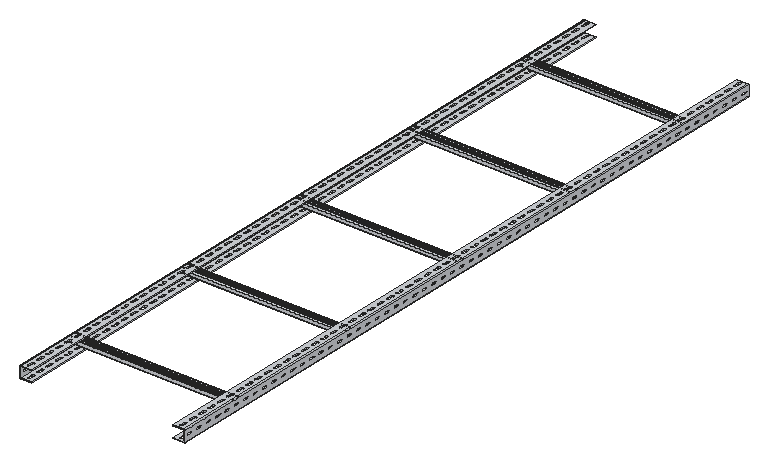
Revit family "steigeleiter_7_FT_FTSO_FTK_A2_A4.700rfa", category Generic Models, Revit 2017 (continued)
Forms (mm)
  Extrusion 305, void
    sketch origin (0, 200, 0) x (1, 0, 0) y (0, 1, 0)
      loop
        arc (319.5, 15.5) -> (325, 10) -> (330.5, 15.5) r 5.5
        line (330.5, 15.5) -> (330.5, 34.5)
        arc (330.5, 34.5) -> (325, 40) -> (319.5, 34.5) r 5.5
        line (319.5, 34.5) -> (319.5, 15.5)
    from 0 to 2.5
  Extrusion 306, void
    sketch origin (0, 250, 0) x (1, 0, 0) y (0, 1, 0)
      loop
        arc (319.5, 15.5) -> (325, 10) -> (330.5, 15.5) r 5.5
        line (330.5, 15.5) -> (330.5, 34.5)
        arc (330.5, 34.5) -> (325, 40) -> (319.5, 34.5) r 5.5
        line (319.5, 34.5) -> (319.5, 15.5)
    from 0 to 2.5
  Extrusion 307, void
    sketch origin (0, 300, 0) x (1, 0, 0) y (0, 1, 0)
      loop
        arc (319.5, 15.5) -> (325, 10) -> (330.5, 15.5) r 5.5
        line (330.5, 15.5) -> (330.5, 34.5)
        arc (330.5, 34.5) -> (325, 40) -> (319.5, 34.5) r 5.5
        line (319.5, 34.5) -> (319.5, 15.5)
    from 0 to 2.5
  Extrusion 308, void
    sketch origin (0, 350, 0) x (1, 0, 0) y (0, 1, 0)
      loop
        arc (319.5, 15.5) -> (325, 10) -> (330.5, 15.5) r 5.5
        line (330.5, 15.5) -> (330.5, 34.5)
        arc (330.5, 34.5) -> (325, 40) -> (319.5, 34.5) r 5.5
        line (319.5, 34.5) -> (319.5, 15.5)
    from 0 to 2.5
  Extrusion 309, void
    sketch origin (0, 400, 0) x (1, 0, 0) y (0, 1, 0)
      loop
        arc (319.5, 15.5) -> (325, 10) -> (330.5, 15.5) r 5.5
        line (330.5, 15.5) -> (330.5, 34.5)
        arc (330.5, 34.5) -> (325, 40) -> (319.5, 34.5) r 5.5
        line (319.5, 34.5) -> (319.5, 15.5)
    from 0 to 2.5
  Extrusion 310, void
    sketch origin (0, 450, 0) x (1, 0, 0) y (0, 1, 0)
      loop
        arc (319.5, 15.5) -> (325, 10) -> (330.5, 15.5) r 5.5
        line (330.5, 15.5) -> (330.5, 34.5)
        arc (330.5, 34.5) -> (325, 40) -> (319.5, 34.5) r 5.5
        line (319.5, 34.5) -> (319.5, 15.5)
    from 0 to 2.5
  Extrusion 311, void
    sketch origin (0, 500, 0) x (1, 0, 0) y (0, 1, 0)
      loop
        arc (319.5, 15.5) -> (325, 10) -> (330.5, 15.5) r 5.5
        line (330.5, 15.5) -> (330.5, 34.5)
        arc (330.5, 34.5) -> (325, 40) -> (319.5, 34.5) r 5.5
        line (319.5, 34.5) -> (319.5, 15.5)
    from 0 to 2.5
  Extrusion 312, void
    sketch origin (0, 550, 0) x (1, 0, 0) y (0, 1, 0)
      loop
        arc (319.5, 15.5) -> (325, 10) -> (330.5, 15.5) r 5.5
        line (330.5, 15.5) -> (330.5, 34.5)
        arc (330.5, 34.5) -> (325, 40) -> (319.5, 34.5) r 5.5
        line (319.5, 34.5) -> (319.5, 15.5)
    from 0 to 2.5
  Extrusion 313, void
    sketch origin (0, 600, 0) x (1, 0, 0) y (0, 1, 0)
      loop
        arc (319.5, 15.5) -> (325, 10) -> (330.5, 15.5) r 5.5
        line (330.5, 15.5) -> (330.5, 34.5)
        arc (330.5, 34.5) -> (325, 40) -> (319.5, 34.5) r 5.5
        line (319.5, 34.5) -> (319.5, 15.5)
    from 0 to 2.5
  Extrusion 314, void
    sketch origin (0, 650, 0) x (1, 0, 0) y (0, 1, 0)
      loop
        arc (319.5, 15.5) -> (325, 10) -> (330.5, 15.5) r 5.5
        line (330.5, 15.5) -> (330.5, 34.5)
        arc (330.5, 34.5) -> (325, 40) -> (319.5, 34.5) r 5.5
        line (319.5, 34.5) -> (319.5, 15.5)
    from 0 to 2.5
  Extrusion 315, void
    sketch origin (0, 700, 0) x (1, 0, 0) y (0, 1, 0)
      loop
        arc (319.5, 15.5) -> (325, 10) -> (330.5, 15.5) r 5.5
        line (330.5, 15.5) -> (330.5, 34.5)
        arc (330.5, 34.5) -> (325, 40) -> (319.5, 34.5) r 5.5
        line (319.5, 34.5) -> (319.5, 15.5)
    from 0 to 2.5
  Extrusion 316, void
    sketch origin (0, 750, 0) x (1, 0, 0) y (0, 1, 0)
      loop
        arc (319.5, 15.5) -> (325, 10) -> (330.5, 15.5) r 5.5
        line (330.5, 15.5) -> (330.5, 34.5)
        arc (330.5, 34.5) -> (325, 40) -> (319.5, 34.5) r 5.5
        line (319.5, 34.5) -> (319.5, 15.5)
    from 0 to 2.5
  Extrusion 317, void
    sketch origin (0, 800, 0) x (1, 0, 0) y (0, 1, 0)
      loop
        arc (319.5, 15.5) -> (325, 10) -> (330.5, 15.5) r 5.5
        line (330.5, 15.5) -> (330.5, 34.5)
        arc (330.5, 34.5) -> (325, 40) -> (319.5, 34.5) r 5.5
        line (319.5, 34.5) -> (319.5, 15.5)
    from 0 to 2.5
  Extrusion 318, void
    sketch origin (0, 850, 0) x (1, 0, 0) y (0, 1, 0)
      loop
        arc (319.5, 15.5) -> (325, 10) -> (330.5, 15.5) r 5.5
        line (330.5, 15.5) -> (330.5, 34.5)
        arc (330.5, 34.5) -> (325, 40) -> (319.5, 34.5) r 5.5
        line (319.5, 34.5) -> (319.5, 15.5)
    from 0 to 2.5
  Extrusion 319, void
    sketch origin (0, 900, 0) x (1, 0, 0) y (0, 1, 0)
      loop
        arc (319.5, 15.5) -> (325, 10) -> (330.5, 15.5) r 5.5
        line (330.5, 15.5) -> (330.5, 34.5)
        arc (330.5, 34.5) -> (325, 40) -> (319.5, 34.5) r 5.5
        line (319.5, 34.5) -> (319.5, 15.5)
    from 0 to 2.5
  Extrusion 320, void
    sketch origin (0, 950, 0) x (1, 0, 0) y (0, 1, 0)
      loop
        arc (319.5, 15.5) -> (325, 10) -> (330.5, 15.5) r 5.5
        line (330.5, 15.5) -> (330.5, 34.5)
        arc (330.5, 34.5) -> (325, 40) -> (319.5, 34.5) r 5.5
        line (319.5, 34.5) -> (319.5, 15.5)
    from 0 to 2.5
  Extrusion 321, void
    sketch origin (0, 1000, 0) x (1, 0, 0) y (0, 1, 0)
      loop
        arc (319.5, 15.5) -> (325, 10) -> (330.5, 15.5) r 5.5
        line (330.5, 15.5) -> (330.5, 34.5)
        arc (330.5, 34.5) -> (325, 40) -> (319.5, 34.5) r 5.5
        line (319.5, 34.5) -> (319.5, 15.5)
    from 0 to 2.5
  Extrusion 322, void
    sketch origin (0, 1050, 0) x (1, 0, 0) y (0, 1, 0)
      loop
        arc (319.5, 15.5) -> (325, 10) -> (330.5, 15.5) r 5.5
        line (330.5, 15.5) -> (330.5, 34.5)
        arc (330.5, 34.5) -> (325, 40) -> (319.5, 34.5) r 5.5
        line (319.5, 34.5) -> (319.5, 15.5)
    from 0 to 2.5
  Extrusion 323, void
    sketch origin (0, 1100, 0) x (1, 0, 0) y (0, 1, 0)
      loop
        arc (319.5, 15.5) -> (325, 10) -> (330.5, 15.5) r 5.5
        line (330.5, 15.5) -> (330.5, 34.5)
        arc (330.5, 34.5) -> (325, 40) -> (319.5, 34.5) r 5.5
        line (319.5, 34.5) -> (319.5, 15.5)
    from 0 to 2.5
  Extrusion 324, void
    sketch origin (0, 1150, 0) x (1, 0, 0) y (0, 1, 0)
      loop
        arc (319.5, 15.5) -> (325, 10) -> (330.5, 15.5) r 5.5
        line (330.5, 15.5) -> (330.5, 34.5)
        arc (330.5, 34.5) -> (325, 40) -> (319.5, 34.5) r 5.5
        line (319.5, 34.5) -> (319.5, 15.5)
    from 0 to 2.5
  Extrusion 325, void
    sketch origin (0, 1200, 0) x (1, 0, 0) y (0, 1, 0)
      loop
        arc (319.5, 15.5) -> (325, 10) -> (330.5, 15.5) r 5.5
        line (330.5, 15.5) -> (330.5, 34.5)
        arc (330.5, 34.5) -> (325, 40) -> (319.5, 34.5) r 5.5
        line (319.5, 34.5) -> (319.5, 15.5)
    from 0 to 2.5
  Extrusion 326, void
    sketch origin (0, 1250, 0) x (1, 0, 0) y (0, 1, 0)
      loop
        arc (319.5, 15.5) -> (325, 10) -> (330.5, 15.5) r 5.5
        line (330.5, 15.5) -> (330.5, 34.5)
        arc (330.5, 34.5) -> (325, 40) -> (319.5, 34.5) r 5.5
        line (319.5, 34.5) -> (319.5, 15.5)
    from 0 to 2.5
  Extrusion 327, void
    sketch origin (0, 1300, 0) x (1, 0, 0) y (0, 1, 0)
      loop
        arc (319.5, 15.5) -> (325, 10) -> (330.5, 15.5) r 5.5
        line (330.5, 15.5) -> (330.5, 34.5)
        arc (330.5, 34.5) -> (325, 40) -> (319.5, 34.5) r 5.5
        line (319.5, 34.5) -> (319.5, 15.5)
    from 0 to 2.5
  Extrusion 328, void
    sketch origin (0, 1350, 0) x (1, 0, 0) y (0, 1, 0)
      loop
        arc (319.5, 15.5) -> (325, 10) -> (330.5, 15.5) r 5.5
        line (330.5, 15.5) -> (330.5, 34.5)
        arc (330.5, 34.5) -> (325, 40) -> (319.5, 34.5) r 5.5
        line (319.5, 34.5) -> (319.5, 15.5)
    from 0 to 2.5
  Extrusion 329, void
    sketch origin (0, 1400, 0) x (1, 0, 0) y (0, 1, 0)
      loop
        arc (319.5, 15.5) -> (325, 10) -> (330.5, 15.5) r 5.5
        line (330.5, 15.5) -> (330.5, 34.5)
        arc (330.5, 34.5) -> (325, 40) -> (319.5, 34.5) r 5.5
        line (319.5, 34.5) -> (319.5, 15.5)
    from 0 to 2.5
  Extrusion 330, void
    sketch origin (0, 1450, 0) x (1, 0, 0) y (0, 1, 0)
      loop
        arc (319.5, 15.5) -> (325, 10) -> (330.5, 15.5) r 5.5
        line (330.5, 15.5) -> (330.5, 34.5)
        arc (330.5, 34.5) -> (325, 40) -> (319.5, 34.5) r 5.5
        line (319.5, 34.5) -> (319.5, 15.5)
    from 0 to 2.5
  Extrusion 331, void
    sketch origin (0, 1500, 0) x (1, 0, 0) y (0, 1, 0)
      loop
        arc (319.5, 15.5) -> (325, 10) -> (330.5, 15.5) r 5.5
        line (330.5, 15.5) -> (330.5, 34.5)
        arc (330.5, 34.5) -> (325, 40) -> (319.5, 34.5) r 5.5
        line (319.5, 34.5) -> (319.5, 15.5)
    from 0 to 2.5
  Extrusion 332, void
    sketch origin (0, 1550, 0) x (1, 0, 0) y (0, 1, 0)
      loop
        arc (319.5, 15.5) -> (325, 10) -> (330.5, 15.5) r 5.5
        line (330.5, 15.5) -> (330.5, 34.5)
        arc (330.5, 34.5) -> (325, 40) -> (319.5, 34.5) r 5.5
        line (319.5, 34.5) -> (319.5, 15.5)
    from 0 to 2.5
  Extrusion 333, void
    sketch origin (0, 1600, 0) x (1, 0, 0) y (0, 1, 0)
      loop
        arc (319.5, 15.5) -> (325, 10) -> (330.5, 15.5) r 5.5
        line (330.5, 15.5) -> (330.5, 34.5)
        arc (330.5, 34.5) -> (325, 40) -> (319.5, 34.5) r 5.5
        line (319.5, 34.5) -> (319.5, 15.5)
    from 0 to 2.5
  Extrusion 334, void
    sketch origin (0, 1650, 0) x (1, 0, 0) y (0, 1, 0)
      loop
        arc (319.5, 15.5) -> (325, 10) -> (330.5, 15.5) r 5.5
        line (330.5, 15.5) -> (330.5, 34.5)
        arc (330.5, 34.5) -> (325, 40) -> (319.5, 34.5) r 5.5
        line (319.5, 34.5) -> (319.5, 15.5)
    from 0 to 2.5
  Extrusion 335, void
    sketch origin (0, 1700, 0) x (1, 0, 0) y (0, 1, 0)
      loop
        arc (319.5, 15.5) -> (325, 10) -> (330.5, 15.5) r 5.5
        line (330.5, 15.5) -> (330.5, 34.5)
        arc (330.5, 34.5) -> (325, 40) -> (319.5, 34.5) r 5.5
        line (319.5, 34.5) -> (319.5, 15.5)
    from 0 to 2.5
  Extrusion 336, void
    sketch origin (0, 1750, 0) x (1, 0, 0) y (0, 1, 0)
      loop
        arc (319.5, 15.5) -> (325, 10) -> (330.5, 15.5) r 5.5
        line (330.5, 15.5) -> (330.5, 34.5)
        arc (330.5, 34.5) -> (325, 40) -> (319.5, 34.5) r 5.5
        line (319.5, 34.5) -> (319.5, 15.5)
    from 0 to 2.5
  Extrusion 337, void
    sketch origin (0, 1800, 0) x (1, 0, 0) y (0, 1, 0)
      loop
        arc (319.5, 15.5) -> (325, 10) -> (330.5, 15.5) r 5.5
        line (330.5, 15.5) -> (330.5, 34.5)
        arc (330.5, 34.5) -> (325, 40) -> (319.5, 34.5) r 5.5
        line (319.5, 34.5) -> (319.5, 15.5)
    from 0 to 2.5
  Extrusion 338, void
    sketch origin (0, 1850, 0) x (1, 0, 0) y (0, 1, 0)
      loop
        arc (319.5, 15.5) -> (325, 10) -> (330.5, 15.5) r 5.5
        line (330.5, 15.5) -> (330.5, 34.5)
        arc (330.5, 34.5) -> (325, 40) -> (319.5, 34.5) r 5.5
        line (319.5, 34.5) -> (319.5, 15.5)
    from 0 to 2.5
  Extrusion 339, void
    sketch origin (0, 1900, 0) x (1, 0, 0) y (0, 1, 0)
      loop
        arc (319.5, 15.5) -> (325, 10) -> (330.5, 15.5) r 5.5
        line (330.5, 15.5) -> (330.5, 34.5)
        arc (330.5, 34.5) -> (325, 40) -> (319.5, 34.5) r 5.5
        line (319.5, 34.5) -> (319.5, 15.5)
    from 0 to 2.5
  Extrusion 340, void
    sketch origin (0, 1950, 0) x (1, 0, 0) y (0, 1, 0)
      loop
        arc (319.5, 15.5) -> (325, 10) -> (330.5, 15.5) r 5.5
        line (330.5, 15.5) -> (330.5, 34.5)
        arc (330.5, 34.5) -> (325, 40) -> (319.5, 34.5) r 5.5
        line (319.5, 34.5) -> (319.5, 15.5)
    from 0 to 2.5
  Extrusion 341, void
    sketch origin (0, 2000, 0) x (1, 0, 0) y (0, 1, 0)
      loop
        arc (319.5, 15.5) -> (325, 10) -> (330.5, 15.5) r 5.5
        line (330.5, 15.5) -> (330.5, 34.5)
        arc (330.5, 34.5) -> (325, 40) -> (319.5, 34.5) r 5.5
        line (319.5, 34.5) -> (319.5, 15.5)
    from 0 to 2.5
  Extrusion 342, void
    sketch origin (0, 2050, 0) x (1, 0, 0) y (0, 1, 0)
      loop
        arc (319.5, 15.5) -> (325, 10) -> (330.5, 15.5) r 5.5
        line (330.5, 15.5) -> (330.5, 34.5)
        arc (330.5, 34.5) -> (325, 40) -> (319.5, 34.5) r 5.5
        line (319.5, 34.5) -> (319.5, 15.5)
    from 0 to 2.5
  Extrusion 343, void
    sketch origin (0, 2100, 0) x (1, 0, 0) y (0, 1, 0)
      loop
        arc (319.5, 15.5) -> (325, 10) -> (330.5, 15.5) r 5.5
        line (330.5, 15.5) -> (330.5, 34.5)
        arc (330.5, 34.5) -> (325, 40) -> (319.5, 34.5) r 5.5
        line (319.5, 34.5) -> (319.5, 15.5)
    from 0 to 2.5
  Extrusion 344, void
    sketch origin (0, 2150, 0) x (1, 0, 0) y (0, 1, 0)
      loop
        arc (319.5, 15.5) -> (325, 10) -> (330.5, 15.5) r 5.5
        line (330.5, 15.5) -> (330.5, 34.5)
        arc (330.5, 34.5) -> (325, 40) -> (319.5, 34.5) r 5.5
        line (319.5, 34.5) -> (319.5, 15.5)
    from 0 to 2.5
  Extrusion 345, void
    sketch origin (0, 2200, 0) x (1, 0, 0) y (0, 1, 0)
      loop
        arc (319.5, 15.5) -> (325, 10) -> (330.5, 15.5) r 5.5
        line (330.5, 15.5) -> (330.5, 34.5)
        arc (330.5, 34.5) -> (325, 40) -> (319.5, 34.5) r 5.5
        line (319.5, 34.5) -> (319.5, 15.5)
    from 0 to 2.5
  Extrusion 346, void
    sketch origin (0, 2250, 0) x (1, 0, 0) y (0, 1, 0)
      loop
        arc (319.5, 15.5) -> (325, 10) -> (330.5, 15.5) r 5.5
        line (330.5, 15.5) -> (330.5, 34.5)
        arc (330.5, 34.5) -> (325, 40) -> (319.5, 34.5) r 5.5
        line (319.5, 34.5) -> (319.5, 15.5)
    from 0 to 2.5
  Extrusion 347, void
    sketch origin (0, 2300, 0) x (1, 0, 0) y (0, 1, 0)
      loop
        arc (319.5, 15.5) -> (325, 10) -> (330.5, 15.5) r 5.5
        line (330.5, 15.5) -> (330.5, 34.5)
        arc (330.5, 34.5) -> (325, 40) -> (319.5, 34.5) r 5.5
        line (319.5, 34.5) -> (319.5, 15.5)
    from 0 to 2.5
  Extrusion 348, void
    sketch origin (0, 2350, 0) x (1, 0, 0) y (0, 1, 0)
      loop
        arc (319.5, 15.5) -> (325, 10) -> (330.5, 15.5) r 5.5
        line (330.5, 15.5) -> (330.5, 34.5)
        arc (330.5, 34.5) -> (325, 40) -> (319.5, 34.5) r 5.5
        line (319.5, 34.5) -> (319.5, 15.5)
    from 0 to 2.5
  Extrusion 349, void
    sketch origin (0, 2400, 0) x (1, 0, 0) y (0, 1, 0)
      loop
        arc (319.5, 15.5) -> (325, 10) -> (330.5, 15.5) r 5.5
        line (330.5, 15.5) -> (330.5, 34.5)
        arc (330.5, 34.5) -> (325, 40) -> (319.5, 34.5) r 5.5
        line (319.5, 34.5) -> (319.5, 15.5)
    from 0 to 2.5
  Extrusion 350, void
    sketch origin (0, 2450, 0) x (1, 0, 0) y (0, 1, 0)
      loop
        arc (319.5, 15.5) -> (325, 10) -> (330.5, 15.5) r 5.5
        line (330.5, 15.5) -> (330.5, 34.5)
        arc (330.5, 34.5) -> (325, 40) -> (319.5, 34.5) r 5.5
        line (319.5, 34.5) -> (319.5, 15.5)
    from 0 to 2.5
  Extrusion 351, void
    sketch origin (0, 2500, 0) x (1, 0, 0) y (0, 1, 0)
      loop
        arc (319.5, 15.5) -> (325, 10) -> (330.5, 15.5) r 5.5
        line (330.5, 15.5) -> (330.5, 34.5)
        arc (330.5, 34.5) -> (325, 40) -> (319.5, 34.5) r 5.5
        line (319.5, 34.5) -> (319.5, 15.5)
    from 0 to 2.5
  Extrusion 352, void
    sketch origin (0, 2550, 0) x (1, 0, 0) y (0, 1, 0)
      loop
        arc (319.5, 15.5) -> (325, 10) -> (330.5, 15.5) r 5.5
        line (330.5, 15.5) -> (330.5, 34.5)
        arc (330.5, 34.5) -> (325, 40) -> (319.5, 34.5) r 5.5
        line (319.5, 34.5) -> (319.5, 15.5)
    from 0 to 2.5
  Extrusion 353, void
    sketch origin (0, 2600, 0) x (1, 0, 0) y (0, 1, 0)
      loop
        arc (319.5, 15.5) -> (325, 10) -> (330.5, 15.5) r 5.5
        line (330.5, 15.5) -> (330.5, 34.5)
        arc (330.5, 34.5) -> (325, 40) -> (319.5, 34.5) r 5.5
        line (319.5, 34.5) -> (319.5, 15.5)
    from 0 to 2.5
  Extrusion 354, void
    sketch origin (0, 2650, 0) x (1, 0, 0) y (0, 1, 0)
      loop
        arc (319.5, 15.5) -> (325, 10) -> (330.5, 15.5) r 5.5
        line (330.5, 15.5) -> (330.5, 34.5)
        arc (330.5, 34.5) -> (325, 40) -> (319.5, 34.5) r 5.5
        line (319.5, 34.5) -> (319.5, 15.5)
    from 0 to 2.5
  Extrusion 355, void
    sketch origin (0, 2700, 0) x (1, 0, 0) y (0, 1, 0)
      loop
        arc (319.5, 15.5) -> (325, 10) -> (330.5, 15.5) r 5.5
        line (330.5, 15.5) -> (330.5, 34.5)
        arc (330.5, 34.5) -> (325, 40) -> (319.5, 34.5) r 5.5
        line (319.5, 34.5) -> (319.5, 15.5)
    from 0 to 2.5
  Extrusion 356, void
    sketch origin (0, 2750, 0) x (1, 0, 0) y (0, 1, 0)
      loop
        arc (319.5, 15.5) -> (325, 10) -> (330.5, 15.5) r 5.5
        line (330.5, 15.5) -> (330.5, 34.5)
        arc (330.5, 34.5) -> (325, 40) -> (319.5, 34.5) r 5.5
        line (319.5, 34.5) -> (319.5, 15.5)
    from 0 to 2.5
  Extrusion 357, void
    sketch origin (0, 2800, 0) x (1, 0, 0) y (0, 1, 0)
      loop
        arc (319.5, 15.5) -> (325, 10) -> (330.5, 15.5) r 5.5
        line (330.5, 15.5) -> (330.5, 34.5)
        arc (330.5, 34.5) -> (325, 40) -> (319.5, 34.5) r 5.5
        line (319.5, 34.5) -> (319.5, 15.5)
    from 0 to 2.5
  Extrusion 358, void
    sketch origin (0, 2850, 0) x (1, 0, 0) y (0, 1, 0)
      loop
        arc (319.5, 15.5) -> (325, 10) -> (330.5, 15.5) r 5.5
        line (330.5, 15.5) -> (330.5, 34.5)
        arc (330.5, 34.5) -> (325, 40) -> (319.5, 34.5) r 5.5
        line (319.5, 34.5) -> (319.5, 15.5)
    from 0 to 2.5
  Extrusion 359, void
    sketch origin (0, 2900, 0) x (1, 0, 0) y (0, 1, 0)
      loop
        arc (319.5, 15.5) -> (325, 10) -> (330.5, 15.5) r 5.5
        line (330.5, 15.5) -> (330.5, 34.5)
        arc (330.5, 34.5) -> (325, 40) -> (319.5, 34.5) r 5.5
        line (319.5, 34.5) -> (319.5, 15.5)
    from 0 to 2.5
  Extrusion 360, void
    sketch origin (0, 2950, 0) x (1, 0, 0) y (0, 1, 0)
      loop
        arc (319.5, 15.5) -> (325, 10) -> (330.5, 15.5) r 5.5
        line (330.5, 15.5) -> (330.5, 34.5)
        arc (330.5, 34.5) -> (325, 40) -> (319.5, 34.5) r 5.5
        line (319.5, 34.5) -> (319.5, 15.5)
    from 0 to 2.5
  Extrusion 361, void
    sketch origin (0, 0, 0) x (0, 1, 0) y (0, 0, 1)
      loop
        line (34.599, 30.303) -> (15.401, 30.303)
        arc (15.401, 30.303) -> (10, 24.901) -> (15.401, 19.5) r 5.401
        line (15.401, 19.5) -> (34.599, 19.5)
        arc (34.599, 19.5) -> (40, 24.901) -> (34.599, 30.303) r 5.401
    from -355 to -344.856
  Extrusion 362, solid
    sketch origin (0, 0, 0) x (0, 1, 0) y (0, 0, 1)
      loop
        arc (257.494, 27) -> (256.084, 27.584) -> (255.5, 28.994) r 1.994
        line (255.5, 28.994) -> (255.5, 43.517)
        arc (255.5, 43.517) -> (256.081, 44.919) -> (257.483, 45.5) r 1.983
        line (257.483, 45.5) -> (261.478, 45.5)
        arc (261.478, 45.5) -> (262.201, 45.201) -> (262.5, 44.478) r 1.022
        line (262.5, 44.478) -> (262.5, 42) -> (264.5, 42) -> (264.5, 44.478)
        arc (264.5, 44.478) -> (263.615, 46.615) -> (261.478, 47.5) r 3.022
        line (261.478, 47.5) -> (257.483, 47.5)
        arc (257.483, 47.5) -> (254.667, 46.333) -> (253.5, 43.517) r 3.983
        line (253.5, 43.517) -> (253.5, 28.994)
        arc (253.5, 28.994) -> (254.67, 26.17) -> (257.494, 25) r 3.994
        line (257.494, 25) -> (289.535, 25)
        arc (289.535, 25) -> (292.339, 26.161) -> (293.5, 28.965) r 3.965
        line (293.5, 28.965) -> (293.5, 44.769)
        arc (293.5, 44.769) -> (292.7, 46.7) -> (290.769, 47.5) r 2.731
        line (290.769, 47.5) -> (284.231, 47.5)
        arc (284.231, 47.5) -> (283.007, 46.993) -> (282.5, 45.769) r 1.731
        line (282.5, 45.769) -> (282.5, 42) -> (284.5, 42) -> (284.5, 44.5)
        arc (284.5, 44.5) -> (284.793, 45.207) -> (285.5, 45.5) r 1
        line (285.5, 45.5) -> (289.5, 45.5)
        arc (289.5, 45.5) -> (290.914, 44.914) -> (291.5, 43.5) r 2
        line (291.5, 43.5) -> (291.5, 28.965)
        arc (291.5, 28.965) -> (290.925, 27.575) -> (289.535, 27) r 1.965
        line (289.535, 27) -> (257.494, 27)
    from -347.5 to 347.5
  Extrusion 363, solid
    sketch origin (0, 600, 0) x (0, 1, 0) y (0, 0, 1)
      loop
        arc (257.494, 27) -> (256.084, 27.584) -> (255.5, 28.994) r 1.994
        line (255.5, 28.994) -> (255.5, 43.517)
        arc (255.5, 43.517) -> (256.081, 44.919) -> (257.483, 45.5) r 1.983
        line (257.483, 45.5) -> (261.478, 45.5)
        arc (261.478, 45.5) -> (262.201, 45.201) -> (262.5, 44.478) r 1.022
        line (262.5, 44.478) -> (262.5, 42) -> (264.5, 42) -> (264.5, 44.478)
        arc (264.5, 44.478) -> (263.615, 46.615) -> (261.478, 47.5) r 3.022
        line (261.478, 47.5) -> (257.483, 47.5)
        arc (257.483, 47.5) -> (254.667, 46.333) -> (253.5, 43.517) r 3.983
        line (253.5, 43.517) -> (253.5, 28.994)
        arc (253.5, 28.994) -> (254.67, 26.17) -> (257.494, 25) r 3.994
        line (257.494, 25) -> (289.535, 25)
        arc (289.535, 25) -> (292.339, 26.161) -> (293.5, 28.965) r 3.965
        line (293.5, 28.965) -> (293.5, 44.769)
        arc (293.5, 44.769) -> (292.7, 46.7) -> (290.769, 47.5) r 2.731
        line (290.769, 47.5) -> (284.231, 47.5)
        arc (284.231, 47.5) -> (283.007, 46.993) -> (282.5, 45.769) r 1.731
        line (282.5, 45.769) -> (282.5, 42) -> (284.5, 42) -> (284.5, 44.5)
        arc (284.5, 44.5) -> (284.793, 45.207) -> (285.5, 45.5) r 1
        line (285.5, 45.5) -> (289.5, 45.5)
        arc (289.5, 45.5) -> (290.914, 44.914) -> (291.5, 43.5) r 2
        line (291.5, 43.5) -> (291.5, 28.965)
        arc (291.5, 28.965) -> (290.925, 27.575) -> (289.535, 27) r 1.965
        line (289.535, 27) -> (257.494, 27)
    from -347.5 to 347.5
  Extrusion 364, solid
    sketch origin (0, 1200, 0) x (0, 1, 0) y (0, 0, 1)
      loop
        arc (257.494, 27) -> (256.084, 27.584) -> (255.5, 28.994) r 1.994
        line (255.5, 28.994) -> (255.5, 43.517)
        arc (255.5, 43.517) -> (256.081, 44.919) -> (257.483, 45.5) r 1.983
        line (257.483, 45.5) -> (261.478, 45.5)
        arc (261.478, 45.5) -> (262.201, 45.201) -> (262.5, 44.478) r 1.022
        line (262.5, 44.478) -> (262.5, 42) -> (264.5, 42) -> (264.5, 44.478)
        arc (264.5, 44.478) -> (263.615, 46.615) -> (261.478, 47.5) r 3.022
        line (261.478, 47.5) -> (257.483, 47.5)
        arc (257.483, 47.5) -> (254.667, 46.333) -> (253.5, 43.517) r 3.983
        line (253.5, 43.517) -> (253.5, 28.994)
        arc (253.5, 28.994) -> (254.67, 26.17) -> (257.494, 25) r 3.994
        line (257.494, 25) -> (289.535, 25)
        arc (289.535, 25) -> (292.339, 26.161) -> (293.5, 28.965) r 3.965
        line (293.5, 28.965) -> (293.5, 44.769)
        arc (293.5, 44.769) -> (292.7, 46.7) -> (290.769, 47.5) r 2.731
        line (290.769, 47.5) -> (284.231, 47.5)
        arc (284.231, 47.5) -> (283.007, 46.993) -> (282.5, 45.769) r 1.731
        line (282.5, 45.769) -> (282.5, 42) -> (284.5, 42) -> (284.5, 44.5)
        arc (284.5, 44.5) -> (284.793, 45.207) -> (285.5, 45.5) r 1
        line (285.5, 45.5) -> (289.5, 45.5)
        arc (289.5, 45.5) -> (290.914, 44.914) -> (291.5, 43.5) r 2
        line (291.5, 43.5) -> (291.5, 28.965)
        arc (291.5, 28.965) -> (290.925, 27.575) -> (289.535, 27) r 1.965
        line (289.535, 27) -> (257.494, 27)
    from -347.5 to 347.5
  Extrusion 365, solid
    sketch origin (0, 1800, 0) x (0, 1, 0) y (0, 0, 1)
      loop
        arc (257.494, 27) -> (256.084, 27.584) -> (255.5, 28.994) r 1.994
        line (255.5, 28.994) -> (255.5, 43.517)
        arc (255.5, 43.517) -> (256.081, 44.919) -> (257.483, 45.5) r 1.983
        line (257.483, 45.5) -> (261.478, 45.5)
        arc (261.478, 45.5) -> (262.201, 45.201) -> (262.5, 44.478) r 1.022
        line (262.5, 44.478) -> (262.5, 42) -> (264.5, 42) -> (264.5, 44.478)
        arc (264.5, 44.478) -> (263.615, 46.615) -> (261.478, 47.5) r 3.022
        line (261.478, 47.5) -> (257.483, 47.5)
        arc (257.483, 47.5) -> (254.667, 46.333) -> (253.5, 43.517) r 3.983
        line (253.5, 43.517) -> (253.5, 28.994)
        arc (253.5, 28.994) -> (254.67, 26.17) -> (257.494, 25) r 3.994
        line (257.494, 25) -> (289.535, 25)
        arc (289.535, 25) -> (292.339, 26.161) -> (293.5, 28.965) r 3.965
        line (293.5, 28.965) -> (293.5, 44.769)
        arc (293.5, 44.769) -> (292.7, 46.7) -> (290.769, 47.5) r 2.731
        line (290.769, 47.5) -> (284.231, 47.5)
        arc (284.231, 47.5) -> (283.007, 46.993) -> (282.5, 45.769) r 1.731
        line (282.5, 45.769) -> (282.5, 42) -> (284.5, 42) -> (284.5, 44.5)
        arc (284.5, 44.5) -> (284.793, 45.207) -> (285.5, 45.5) r 1
        line (285.5, 45.5) -> (289.5, 45.5)
        arc (289.5, 45.5) -> (290.914, 44.914) -> (291.5, 43.5) r 2
        line (291.5, 43.5) -> (291.5, 28.965)
        arc (291.5, 28.965) -> (290.925, 27.575) -> (289.535, 27) r 1.965
        line (289.535, 27) -> (257.494, 27)
    from -347.5 to 347.5
  Extrusion 366, solid
    sketch origin (0, 2400, 0) x (0, 1, 0) y (0, 0, 1)
      loop
        arc (257.494, 27) -> (256.084, 27.584) -> (255.5, 28.994) r 1.994
        line (255.5, 28.994) -> (255.5, 43.517)
        arc (255.5, 43.517) -> (256.081, 44.919) -> (257.483, 45.5) r 1.983
        line (257.483, 45.5) -> (261.478, 45.5)
        arc (261.478, 45.5) -> (262.201, 45.201) -> (262.5, 44.478) r 1.022
        line (262.5, 44.478) -> (262.5, 42) -> (264.5, 42) -> (264.5, 44.478)
        arc (264.5, 44.478) -> (263.615, 46.615) -> (261.478, 47.5) r 3.022
        line (261.478, 47.5) -> (257.483, 47.5)
        arc (257.483, 47.5) -> (254.667, 46.333) -> (253.5, 43.517) r 3.983
        line (253.5, 43.517) -> (253.5, 28.994)
        arc (253.5, 28.994) -> (254.67, 26.17) -> (257.494, 25) r 3.994
        line (257.494, 25) -> (289.535, 25)
        arc (289.535, 25) -> (292.339, 26.161) -> (293.5, 28.965) r 3.965
        line (293.5, 28.965) -> (293.5, 44.769)
        arc (293.5, 44.769) -> (292.7, 46.7) -> (290.769, 47.5) r 2.731
        line (290.769, 47.5) -> (284.231, 47.5)
        arc (284.231, 47.5) -> (283.007, 46.993) -> (282.5, 45.769) r 1.731
        line (282.5, 45.769) -> (282.5, 42) -> (284.5, 42) -> (284.5, 44.5)
        arc (284.5, 44.5) -> (284.793, 45.207) -> (285.5, 45.5) r 1
        line (285.5, 45.5) -> (289.5, 45.5)
        arc (289.5, 45.5) -> (290.914, 44.914) -> (291.5, 43.5) r 2
        line (291.5, 43.5) -> (291.5, 28.965)
        arc (291.5, 28.965) -> (290.925, 27.575) -> (289.535, 27) r 1.965
        line (289.535, 27) -> (257.494, 27)
    from -347.5 to 347.5
Cuts and joins
  Extrusion 2, Extrusion 3, Extrusion 4, Extrusion 5, Extrusion 6, Extrusion 7, Extrusion 8, Extrusion 9, Extrusion 10, Extrusion 11, Extrusion 12, Extrusion 13, Extrusion 14, Extrusion 15, Extrusion 16, Extrusion 17, Extrusion 18, Extrusion 19, Extrusion 20, Extrusion 21, Extrusion 22, Extrusion 23, Extrusion 24, Extrusion 25, Extrusion 26, Extrusion 27, Extrusion 28, Extrusion 29, Extrusion 30, Extrusion 31, Extrusion 32, Extrusion 33, Extrusion 34, Extrusion 35, Extrusion 36, Extrusion 37, Extrusion 38, Extrusion 39, Extrusion 40, Extrusion 41, Extrusion 42, Extrusion 43, Extrusion 44, Extrusion 45, Extrusion 46, Extrusion 47, Extrusion 48, Extrusion 49, Extrusion 50, Extrusion 51, Extrusion 52, Extrusion 53, Extrusion 54, Extrusion 55, Extrusion 56, Extrusion 57, Extrusion 58, Extrusion 59, Extrusion 60, Extrusion 61, Extrusion 62, Extrusion 63, Extrusion 64, Extrusion 65, Extrusion 66, Extrusion 67, Extrusion 68, Extrusion 69, Extrusion 70, Extrusion 71, Extrusion 72, Extrusion 73, Extrusion 74, Extrusion 75, Extrusion 76, Extrusion 77, Extrusion 78, Extrusion 79, Extrusion 80, Extrusion 81, Extrusion 82, Extrusion 83, Extrusion 84, Extrusion 85, Extrusion 86, Extrusion 87, Extrusion 88, Extrusion 89, Extrusion 90, Extrusion 91, Extrusion 92, Extrusion 93, Extrusion 94, Extrusion 95, Extrusion 96, Extrusion 97, Extrusion 98, Extrusion 99, Extrusion 100, Extrusion 101, Extrusion 102, Extrusion 103, Extrusion 104, Extrusion 105, Extrusion 106, Extrusion 107, Extrusion 108, Extrusion 109, Extrusion 110, Extrusion 111, Extrusion 112, Extrusion 113, Extrusion 114, Extrusion 115, Extrusion 116, Extrusion 117, Extrusion 118, Extrusion 119, Extrusion 120, Extrusion 121, Extrusion 122, Extrusion 123, Extrusion 124, Extrusion 125, Extrusion 126, Extrusion 127, Extrusion 128, Extrusion 129, Extrusion 130, Extrusion 131, Extrusion 132, Extrusion 133, Extrusion 134, Extrusion 135, Extrusion 136, Extrusion 137, Extrusion 138, Extrusion 139, Extrusion 140, Extrusion 141, Extrusion 142, Extrusion 143, Extrusion 144, Extrusion 145, Extrusion 146, Extrusion 147, Extrusion 148, Extrusion 149, Extrusion 150, Extrusion 151, Extrusion 152, Extrusion 153, Extrusion 154, Extrusion 155, Extrusion 156, Extrusion 157, Extrusion 158, Extrusion 159, Extrusion 160, Extrusion 161, Extrusion 162, Extrusion 163, Extrusion 164, Extrusion 165, Extrusion 166, Extrusion 167, Extrusion 168, Extrusion 169, Extrusion 170, Extrusion 171, Extrusion 172, Extrusion 173, Extrusion 174, Extrusion 175, Extrusion 176, Extrusion 177, Extrusion 178, Extrusion 179, Extrusion 180, Extrusion 181, Extrusion 182, Extrusion 183, Extrusion 184, Extrusion 185, Extrusion 186, Extrusion 187, Extrusion 188, Extrusion 189, Extrusion 190, Extrusion 191, Extrusion 192, Extrusion 193, Extrusion 194, Extrusion 195, Extrusion 196, Extrusion 197, Extrusion 198, Extrusion 199, Extrusion 200, Extrusion 201, Extrusion 202, Extrusion 203, Extrusion 204, Extrusion 205, Extrusion 206, Extrusion 207, Extrusion 208, Extrusion 209, Extrusion 210, Extrusion 211, Extrusion 212, Extrusion 213, Extrusion 214, Extrusion 215, Extrusion 216, Extrusion 217, Extrusion 218, Extrusion 219, Extrusion 220, Extrusion 221, Extrusion 222, Extrusion 223, Extrusion 224, Extrusion 225, Extrusion 226, Extrusion 227, Extrusion 228, Extrusion 229, Extrusion 230, Extrusion 231, Extrusion 232, Extrusion 233, Extrusion 234, Extrusion 235, Extrusion 236, Extrusion 237, Extrusion 238, Extrusion 239, Extrusion 240, Extrusion 241, Extrusion 242, Extrusion 243, Extrusion 244, Extrusion 245, Extrusion 246, Extrusion 247, Extrusion 248, Extrusion 249, Extrusion 250, Extrusion 251, Extrusion 252, Extrusion 253, Extrusion 254, Extrusion 255, Extrusion 256, Extrusion 257, Extrusion 258, Extrusion 259, Extrusion 260, Extrusion 261, Extrusion 262, Extrusion 263, Extrusion 264, Extrusion 265, Extrusion 266, Extrusion 267, Extrusion 268, Extrusion 269, Extrusion 270, Extrusion 271, Extrusion 272, Extrusion 273, Extrusion 274, Extrusion 275, Extrusion 276, Extrusion 277, Extrusion 278, Extrusion 279, Extrusion 280, Extrusion 281, Extrusion 282, Extrusion 283, Extrusion 284, Extrusion 285, Extrusion 286, Extrusion 287, Extrusion 288, Extrusion 289, Extrusion 290, Extrusion 291, Extrusion 292, Extrusion 293, Extrusion 294, Extrusion 295, Extrusion 296, Extrusion 297, Extrusion 298, Extrusion 299, Extrusion 300, Extrusion 301, Extrusion 302, Extrusion 303, Extrusion 304, Extrusion 305, Extrusion 306, Extrusion 307, Extrusion 308, Extrusion 309, Extrusion 310, Extrusion 311, Extrusion 312, Extrusion 313, Extrusion 314, Extrusion 315, Extrusion 316, Extrusion 317, Extrusion 318, Extrusion 319, Extrusion 320, Extrusion 321, Extrusion 322, Extrusion 323, Extrusion 324, Extrusion 325, Extrusion 326, Extrusion 327, Extrusion 328, Extrusion 329, Extrusion 330, Extrusion 331, Extrusion 332, Extrusion 333, Extrusion 334, Extrusion 335, Extrusion 336, Extrusion 337, Extrusion 338, Extrusion 339, Extrusion 340, Extrusion 341, Extrusion 342, Extrusion 343, Extrusion 344, Extrusion 345, Extrusion 346, Extrusion 347, Extrusion 348, Extrusion 349, Extrusion 350, Extrusion 351, Extrusion 352, Extrusion 353, Extrusion 354, Extrusion 355, Extrusion 356, Extrusion 357, Extrusion 358, Extrusion 359, Extrusion 360, Extrusion 361 cuts Extrusion 1
Dimensions and locks
  locked: Extrusion 1 sketch curve to Extrusion 1 sketch curve at 2.5  (x6)
  Extrusion 1 sketch curve to Extrusion 1 sketch curve = 2.5 mm  (x3)
  locked: level to Extrusion 1 at 2.5
  "Length": plane 5 to plane 1 "Center (Front/Back)"
  locked: Extrusion 1 sketch curve to Extrusion 1 sketch curve at 50  (x6)
  Extrusion 1 sketch curve to Extrusion 1 sketch curve = 50 mm
  "Width": Extrusion 1 to Extrusion 1
  "Width 1": Extrusion 1 to plane 3 "Center (Left/Right)"
  locked: Extrusion 2 sketch curve to Extrusion 2 sketch curve at 11
  locked: Extrusion 3 sketch curve to Extrusion 3 sketch curve at 11
  equal spacing: group 1, group 2, group 3, group 4, group 5, group 6, group 7, group 8, group 9, group 10, group 11, group 12, group 13, group 14, group 15, group 16, group 17, group 18, group 19, group 20, group 21, group 22, group 23, group 24, group 25, group 26, group 27, group 28, group 29, group 30, group 31, group 32, group 33, group 34, group 35, group 36, group 37, group 38, group 39, group 40, group 41, group 42, group 43, group 44, group 45, group 46, group 47, group 48, group 49, group 50, group 51, group 52, group 53, group 54, group 55, group 56, group 57, group 58, group 59, group 60  (x3)
  locked: Extrusion 4 sketch curve to Extrusion 4 sketch curve at 11
  locked: Extrusion 5 sketch curve to Extrusion 5 sketch curve at 11
  locked: Extrusion 6 sketch curve to Extrusion 6 sketch curve at 11
  locked: Extrusion 7 sketch curve to Extrusion 7 sketch curve at 11
  locked: Extrusion 8 sketch curve to Extrusion 8 sketch curve at 11
  locked: Extrusion 9 sketch curve to Extrusion 9 sketch curve at 11
  locked: Extrusion 10 sketch curve to Extrusion 10 sketch curve at 11
  locked: Extrusion 11 sketch curve to Extrusion 11 sketch curve at 11
  locked: Extrusion 12 sketch curve to Extrusion 12 sketch curve at 11
  locked: Extrusion 13 sketch curve to Extrusion 13 sketch curve at 11
  locked: Extrusion 14 sketch curve to Extrusion 14 sketch curve at 11
  locked: Extrusion 15 sketch curve to Extrusion 15 sketch curve at 11
  locked: Extrusion 16 sketch curve to Extrusion 16 sketch curve at 11
  locked: Extrusion 17 sketch curve to Extrusion 17 sketch curve at 11
  locked: Extrusion 18 sketch curve to Extrusion 18 sketch curve at 11
  locked: Extrusion 19 sketch curve to Extrusion 19 sketch curve at 11
  locked: Extrusion 20 sketch curve to Extrusion 20 sketch curve at 11
  locked: Extrusion 21 sketch curve to Extrusion 21 sketch curve at 11
  locked: Extrusion 22 sketch curve to Extrusion 22 sketch curve at 11
  locked: Extrusion 23 sketch curve to Extrusion 23 sketch curve at 11
  locked: Extrusion 24 sketch curve to Extrusion 24 sketch curve at 11
  locked: Extrusion 25 sketch curve to Extrusion 25 sketch curve at 11
  locked: Extrusion 26 sketch curve to Extrusion 26 sketch curve at 11
  locked: Extrusion 27 sketch curve to Extrusion 27 sketch curve at 11
  locked: Extrusion 28 sketch curve to Extrusion 28 sketch curve at 11
  locked: Extrusion 29 sketch curve to Extrusion 29 sketch curve at 11
  locked: Extrusion 30 sketch curve to Extrusion 30 sketch curve at 11
  locked: Extrusion 31 sketch curve to Extrusion 31 sketch curve at 11
  locked: Extrusion 32 sketch curve to Extrusion 32 sketch curve at 11
  locked: Extrusion 33 sketch curve to Extrusion 33 sketch curve at 11
  locked: Extrusion 34 sketch curve to Extrusion 34 sketch curve at 11
  locked: Extrusion 35 sketch curve to Extrusion 35 sketch curve at 11
  locked: Extrusion 36 sketch curve to Extrusion 36 sketch curve at 11
  locked: Extrusion 37 sketch curve to Extrusion 37 sketch curve at 11
  locked: Extrusion 38 sketch curve to Extrusion 38 sketch curve at 11
  locked: Extrusion 39 sketch curve to Extrusion 39 sketch curve at 11
  locked: Extrusion 40 sketch curve to Extrusion 40 sketch curve at 11
  locked: Extrusion 41 sketch curve to Extrusion 41 sketch curve at 11
  locked: Extrusion 42 sketch curve to Extrusion 42 sketch curve at 11
  locked: Extrusion 43 sketch curve to Extrusion 43 sketch curve at 11
  locked: Extrusion 44 sketch curve to Extrusion 44 sketch curve at 11
  locked: Extrusion 45 sketch curve to Extrusion 45 sketch curve at 11
  locked: Extrusion 46 sketch curve to Extrusion 46 sketch curve at 11
  locked: Extrusion 47 sketch curve to Extrusion 47 sketch curve at 11
  locked: Extrusion 48 sketch curve to Extrusion 48 sketch curve at 11
  locked: Extrusion 49 sketch curve to Extrusion 49 sketch curve at 11
  locked: Extrusion 50 sketch curve to Extrusion 50 sketch curve at 11
  locked: Extrusion 51 sketch curve to Extrusion 51 sketch curve at 11
  locked: Extrusion 52 sketch curve to Extrusion 52 sketch curve at 11
  locked: Extrusion 53 sketch curve to Extrusion 53 sketch curve at 11
  locked: Extrusion 54 sketch curve to Extrusion 54 sketch curve at 11
  locked: Extrusion 55 sketch curve to Extrusion 55 sketch curve at 11
  locked: Extrusion 56 sketch curve to Extrusion 56 sketch curve at 11
  locked: Extrusion 57 sketch curve to Extrusion 57 sketch curve at 11
  locked: Extrusion 58 sketch curve to Extrusion 58 sketch curve at 11
  locked: Extrusion 59 sketch curve to Extrusion 59 sketch curve at 11
  locked: Extrusion 60 sketch curve to Extrusion 60 sketch curve at 11
  locked: Extrusion 61 sketch curve to Extrusion 61 sketch curve at 11
  locked: Extrusion 62 sketch curve to Extrusion 62 sketch curve at 11
  locked: Extrusion 63 sketch curve to Extrusion 63 sketch curve at 11
  locked: Extrusion 64 sketch curve to Extrusion 64 sketch curve at 11
  equal spacing: group 61, group 62, group 63, group 64, group 65, group 66, group 67, group 68, group 69, group 70, group 71, group 72, group 73, group 74, group 75, group 76, group 77, group 78, group 79, group 80, group 81, group 82, group 83, group 84, group 85, group 86, group 87, group 88, group 89, group 90, group 91, group 92, group 93, group 94, group 95, group 96, group 97, group 98, group 99, group 100, group 101, group 102, group 103, group 104, group 105, group 106, group 107, group 108, group 109, group 110, group 111, group 112, group 113, group 114, group 115, group 116, group 117, group 118, group 119, group 120  (x3)
  locked: Extrusion 65 sketch curve to Extrusion 65 sketch curve at 11
  locked: Extrusion 66 sketch curve to Extrusion 66 sketch curve at 11
  locked: Extrusion 67 sketch curve to Extrusion 67 sketch curve at 11
  locked: Extrusion 68 sketch curve to Extrusion 68 sketch curve at 11
  locked: Extrusion 69 sketch curve to Extrusion 69 sketch curve at 11
  locked: Extrusion 70 sketch curve to Extrusion 70 sketch curve at 11
  locked: Extrusion 71 sketch curve to Extrusion 71 sketch curve at 11
  locked: Extrusion 72 sketch curve to Extrusion 72 sketch curve at 11
  locked: Extrusion 73 sketch curve to Extrusion 73 sketch curve at 11
  locked: Extrusion 74 sketch curve to Extrusion 74 sketch curve at 11
  locked: Extrusion 75 sketch curve to Extrusion 75 sketch curve at 11
  locked: Extrusion 76 sketch curve to Extrusion 76 sketch curve at 11
  locked: Extrusion 77 sketch curve to Extrusion 77 sketch curve at 11
  locked: Extrusion 78 sketch curve to Extrusion 78 sketch curve at 11
  locked: Extrusion 79 sketch curve to Extrusion 79 sketch curve at 11
  locked: Extrusion 80 sketch curve to Extrusion 80 sketch curve at 11
  locked: Extrusion 81 sketch curve to Extrusion 81 sketch curve at 11
  locked: Extrusion 82 sketch curve to Extrusion 82 sketch curve at 11
  locked: Extrusion 83 sketch curve to Extrusion 83 sketch curve at 11
  locked: Extrusion 84 sketch curve to Extrusion 84 sketch curve at 11
  locked: Extrusion 85 sketch curve to Extrusion 85 sketch curve at 11
  locked: Extrusion 86 sketch curve to Extrusion 86 sketch curve at 11
  locked: Extrusion 87 sketch curve to Extrusion 87 sketch curve at 11
  locked: Extrusion 88 sketch curve to Extrusion 88 sketch curve at 11
  locked: Extrusion 89 sketch curve to Extrusion 89 sketch curve at 11
  locked: Extrusion 90 sketch curve to Extrusion 90 sketch curve at 11
  locked: Extrusion 91 sketch curve to Extrusion 91 sketch curve at 11
  locked: Extrusion 92 sketch curve to Extrusion 92 sketch curve at 11
  locked: Extrusion 93 sketch curve to Extrusion 93 sketch curve at 11
  locked: Extrusion 94 sketch curve to Extrusion 94 sketch curve at 11
  locked: Extrusion 95 sketch curve to Extrusion 95 sketch curve at 11
  locked: Extrusion 96 sketch curve to Extrusion 96 sketch curve at 11
  locked: Extrusion 97 sketch curve to Extrusion 97 sketch curve at 11
  locked: Extrusion 98 sketch curve to Extrusion 98 sketch curve at 11
  locked: Extrusion 99 sketch curve to Extrusion 99 sketch curve at 11
  locked: Extrusion 100 sketch curve to Extrusion 100 sketch curve at 11
  locked: Extrusion 101 sketch curve to Extrusion 101 sketch curve at 11
  locked: Extrusion 102 sketch curve to Extrusion 102 sketch curve at 11
  locked: Extrusion 103 sketch curve to Extrusion 103 sketch curve at 11
  locked: Extrusion 104 sketch curve to Extrusion 104 sketch curve at 11
  locked: Extrusion 105 sketch curve to Extrusion 105 sketch curve at 11
  locked: Extrusion 106 sketch curve to Extrusion 106 sketch curve at 11
  locked: Extrusion 107 sketch curve to Extrusion 107 sketch curve at 11
  locked: Extrusion 108 sketch curve to Extrusion 108 sketch curve at 11
  locked: Extrusion 109 sketch curve to Extrusion 109 sketch curve at 11
  locked: Extrusion 110 sketch curve to Extrusion 110 sketch curve at 11
  locked: Extrusion 111 sketch curve to Extrusion 111 sketch curve at 11
  locked: Extrusion 112 sketch curve to Extrusion 112 sketch curve at 11
  locked: Extrusion 113 sketch curve to Extrusion 113 sketch curve at 11
  locked: Extrusion 114 sketch curve to Extrusion 114 sketch curve at 11
  locked: Extrusion 115 sketch curve to Extrusion 115 sketch curve at 11
  locked: Extrusion 116 sketch curve to Extrusion 116 sketch curve at 11
  locked: Extrusion 117 sketch curve to Extrusion 117 sketch curve at 11
  locked: Extrusion 118 sketch curve to Extrusion 118 sketch curve at 11
  locked: Extrusion 119 sketch curve to Extrusion 119 sketch curve at 11
  locked: Extrusion 120 sketch curve to Extrusion 120 sketch curve at 11
  locked: Extrusion 121 sketch curve to Extrusion 121 sketch curve at 11
  locked: Extrusion 122 sketch curve to Extrusion 122 sketch curve at 11
  locked: Extrusion 123 sketch curve to Extrusion 123 sketch curve at 11
  locked: Extrusion 124 sketch curve to Extrusion 124 sketch curve at 11
  locked: Extrusion 125 sketch curve to Extrusion 125 sketch curve at 11
  locked: Extrusion 126 sketch curve to Extrusion 126 sketch curve at 11
  locked: Extrusion 127 sketch curve to Extrusion 127 sketch curve at 11
  locked: Extrusion 128 sketch curve to Extrusion 128 sketch curve at 11
  locked: Extrusion 129 sketch curve to Extrusion 129 sketch curve at 11
  locked: Extrusion 130 sketch curve to Extrusion 130 sketch curve at 11
  locked: Extrusion 131 sketch curve to Extrusion 131 sketch curve at 11
  locked: Extrusion 132 sketch curve to Extrusion 132 sketch curve at 11
  locked: Extrusion 133 sketch curve to Extrusion 133 sketch curve at 11
  locked: Extrusion 134 sketch curve to Extrusion 134 sketch curve at 11
  locked: Extrusion 135 sketch curve to Extrusion 135 sketch curve at 11
  locked: Extrusion 136 sketch curve to Extrusion 136 sketch curve at 11
  locked: Extrusion 137 sketch curve to Extrusion 137 sketch curve at 11
  locked: Extrusion 138 sketch curve to Extrusion 138 sketch curve at 11
  locked: Extrusion 139 sketch curve to Extrusion 139 sketch curve at 11
  locked: Extrusion 140 sketch curve to Extrusion 140 sketch curve at 11
  locked: Extrusion 141 sketch curve to Extrusion 141 sketch curve at 11
  locked: Extrusion 142 sketch curve to Extrusion 142 sketch curve at 11
  locked: Extrusion 143 sketch curve to Extrusion 143 sketch curve at 11
  locked: Extrusion 144 sketch curve to Extrusion 144 sketch curve at 11
  locked: Extrusion 145 sketch curve to Extrusion 145 sketch curve at 11
  locked: Extrusion 146 sketch curve to Extrusion 146 sketch curve at 11
  locked: Extrusion 147 sketch curve to Extrusion 147 sketch curve at 11
  locked: Extrusion 148 sketch curve to Extrusion 148 sketch curve at 11
  locked: Extrusion 149 sketch curve to Extrusion 149 sketch curve at 11
  locked: Extrusion 150 sketch curve to Extrusion 150 sketch curve at 11
  locked: Extrusion 151 sketch curve to Extrusion 151 sketch curve at 11
  locked: Extrusion 152 sketch curve to Extrusion 152 sketch curve at 11
  locked: Extrusion 153 sketch curve to Extrusion 153 sketch curve at 11
  locked: Extrusion 154 sketch curve to Extrusion 154 sketch curve at 11
  locked: Extrusion 155 sketch curve to Extrusion 155 sketch curve at 11
  locked: Extrusion 156 sketch curve to Extrusion 156 sketch curve at 11
  locked: Extrusion 157 sketch curve to Extrusion 157 sketch curve at 11
  locked: Extrusion 158 sketch curve to Extrusion 158 sketch curve at 11
  locked: Extrusion 159 sketch curve to Extrusion 159 sketch curve at 11
  locked: Extrusion 160 sketch curve to Extrusion 160 sketch curve at 11
  locked: Extrusion 161 sketch curve to Extrusion 161 sketch curve at 11
  locked: Extrusion 162 sketch curve to Extrusion 162 sketch curve at 11
  locked: Extrusion 163 sketch curve to Extrusion 163 sketch curve at 11
  locked: Extrusion 164 sketch curve to Extrusion 164 sketch curve at 11
  locked: Extrusion 165 sketch curve to Extrusion 165 sketch curve at 11
  locked: Extrusion 166 sketch curve to Extrusion 166 sketch curve at 11
  locked: Extrusion 167 sketch curve to Extrusion 167 sketch curve at 11
  locked: Extrusion 168 sketch curve to Extrusion 168 sketch curve at 11
  locked: Extrusion 169 sketch curve to Extrusion 169 sketch curve at 11
  locked: Extrusion 170 sketch curve to Extrusion 170 sketch curve at 11
  locked: Extrusion 171 sketch curve to Extrusion 171 sketch curve at 11
  locked: Extrusion 172 sketch curve to Extrusion 172 sketch curve at 11
  locked: Extrusion 173 sketch curve to Extrusion 173 sketch curve at 11
  locked: Extrusion 174 sketch curve to Extrusion 174 sketch curve at 11
  locked: Extrusion 175 sketch curve to Extrusion 175 sketch curve at 11
  locked: Extrusion 176 sketch curve to Extrusion 176 sketch curve at 11
  locked: Extrusion 177 sketch curve to Extrusion 177 sketch curve at 11
  locked: Extrusion 178 sketch curve to Extrusion 178 sketch curve at 11
  locked: Extrusion 179 sketch curve to Extrusion 179 sketch curve at 11
  locked: Extrusion 180 sketch curve to Extrusion 180 sketch curve at 11
  locked: Extrusion 181 sketch curve to Extrusion 181 sketch curve at 11
  locked: Extrusion 182 sketch curve to Extrusion 182 sketch curve at 11
  locked: Extrusion 183 sketch curve to Extrusion 183 sketch curve at 11
  locked: cut or joined group of Extrusion 1, Extrusion 2, Extrusion 3, Extrusion 4, Extrusion 5, Extrusion 6, Extrusion 7, Extrusion 8, Extrusion 9, Extrusion 10, Extrusion 11, Extrusion 12, Extrusion 13, Extrusion 14, Extrusion 15, Extrusion 16, Extrusion 17, Extrusion 18, Extrusion 19, Extrusion 20, Extrusion 21, Extrusion 22, Extrusion 23, Extrusion 24, Extrusion 25, Extrusion 26, Extrusion 27, Extrusion 28, Extrusion 29, Extrusion 30, Extrusion 31, Extrusion 32, Extrusion 33, Extrusion 34, Extrusion 35, Extrusion 36, Extrusion 37, Extrusion 38, Extrusion 39, Extrusion 40, Extrusion 41, Extrusion 42, Extrusion 43, Extrusion 44, Extrusion 45, Extrusion 46, Extrusion 47, Extrusion 48, Extrusion 49, Extrusion 50, Extrusion 51, Extrusion 52, Extrusion 53, Extrusion 54, Extrusion 55, Extrusion 56, Extrusion 57, Extrusion 58, Extrusion 59, Extrusion 60, Extrusion 61, Extrusion 62, Extrusion 63, Extrusion 64, Extrusion 65, Extrusion 66, Extrusion 67, Extrusion 68, Extrusion 69, Extrusion 70, Extrusion 71, Extrusion 72, Extrusion 73, Extrusion 74, Extrusion 75, Extrusion 76, Extrusion 77, Extrusion 78, Extrusion 79, Extrusion 80, Extrusion 81, Extrusion 82, Extrusion 83, Extrusion 84, Extrusion 85, Extrusion 86, Extrusion 87, Extrusion 88, Extrusion 89, Extrusion 90, Extrusion 91, Extrusion 92, Extrusion 93, Extrusion 94, Extrusion 95, Extrusion 96, Extrusion 97, Extrusion 98, Extrusion 99, Extrusion 100, Extrusion 101, Extrusion 102, Extrusion 103, Extrusion 104, Extrusion 105, Extrusion 106, Extrusion 107, Extrusion 108, Extrusion 109, Extrusion 110, Extrusion 111, Extrusion 112, Extrusion 113, Extrusion 114, Extrusion 115, Extrusion 116, Extrusion 117, Extrusion 118, Extrusion 119, Extrusion 120, Extrusion 121, Extrusion 122, Extrusion 123, Extrusion 124, Extrusion 125, Extrusion 126, Extrusion 127, Extrusion 128, Extrusion 129, Extrusion 130, Extrusion 131, Extrusion 132, Extrusion 133, Extrusion 134, Extrusion 135, Extrusion 136, Extrusion 137, Extrusion 138, Extrusion 139, Extrusion 140, Extrusion 141, Extrusion 142, Extrusion 143, Extrusion 144, Extrusion 145, Extrusion 146, Extrusion 147, Extrusion 148, Extrusion 149, Extrusion 150, Extrusion 151, Extrusion 152, Extrusion 153, Extrusion 154, Extrusion 155, Extrusion 156, Extrusion 157, Extrusion 158, Extrusion 159, Extrusion 160, Extrusion 161, Extrusion 162, Extrusion 163, Extrusion 164, Extrusion 165, Extrusion 166, Extrusion 167, Extrusion 168, Extrusion 169, Extrusion 170, Extrusion 171, Extrusion 172, Extrusion 173, Extrusion 174, Extrusion 175, Extrusion 176, Extrusion 177, Extrusion 178, Extrusion 179, Extrusion 180, Extrusion 181, Extrusion 182, Extrusion 183, Extrusion 184, Extrusion 185, Extrusion 186, Extrusion 187, Extrusion 188, Extrusion 189, Extrusion 190, Extrusion 191, Extrusion 192, Extrusion 193, Extrusion 194, Extrusion 195, Extrusion 196, Extrusion 197, Extrusion 198, Extrusion 199, Extrusion 200, Extrusion 201, Extrusion 202, Extrusion 203, Extrusion 204, Extrusion 205, Extrusion 206, Extrusion 207, Extrusion 208, Extrusion 209, Extrusion 210, Extrusion 211, Extrusion 212, Extrusion 213, Extrusion 214, Extrusion 215, Extrusion 216, Extrusion 217, Extrusion 218, Extrusion 219, Extrusion 220, Extrusion 221, Extrusion 222, Extrusion 223, Extrusion 224, Extrusion 225, Extrusion 226, Extrusion 227, Extrusion 228, Extrusion 229, Extrusion 230, Extrusion 231, Extrusion 232, Extrusion 233, Extrusion 234, Extrusion 235, Extrusion 236, Extrusion 237, Extrusion 238, Extrusion 239, Extrusion 240, Extrusion 241, Extrusion 242, Extrusion 243, Extrusion 244, Extrusion 245, Extrusion 246, Extrusion 247, Extrusion 248, Extrusion 249, Extrusion 250, Extrusion 251, Extrusion 252, Extrusion 253, Extrusion 254, Extrusion 255, Extrusion 256, Extrusion 257, Extrusion 258, Extrusion 259, Extrusion 260, Extrusion 261, Extrusion 262, Extrusion 263, Extrusion 264, Extrusion 265, Extrusion 266, Extrusion 267, Extrusion 268, Extrusion 269, Extrusion 270, Extrusion 271, Extrusion 272, Extrusion 273, Extrusion 274, Extrusion 275, Extrusion 276, Extrusion 277, Extrusion 278, Extrusion 279, Extrusion 280, Extrusion 281, Extrusion 282, Extrusion 283, Extrusion 284, Extrusion 285, Extrusion 286, Extrusion 287, Extrusion 288, Extrusion 289, Extrusion 290, Extrusion 291, Extrusion 292, Extrusion 293, Extrusion 294, Extrusion 295, Extrusion 296, Extrusion 297, Extrusion 298, Extrusion 299, Extrusion 300, Extrusion 301, Extrusion 302, Extrusion 303, Extrusion 304, Extrusion 305, Extrusion 306, Extrusion 307, Extrusion 308, Extrusion 309, Extrusion 310, Extrusion 311, Extrusion 312, Extrusion 313, Extrusion 314, Extrusion 315, Extrusion 316, Extrusion 317, Extrusion 318, Extrusion 319, Extrusion 320, Extrusion 321, Extrusion 322, Extrusion 323, Extrusion 324, Extrusion 325, Extrusion 326, Extrusion 327, Extrusion 328, Extrusion 329, Extrusion 330, Extrusion 331, Extrusion 332, Extrusion 333, Extrusion 334, Extrusion 335, Extrusion 336, Extrusion 337, Extrusion 338, Extrusion 339, Extrusion 340, Extrusion 341, Extrusion 342, Extrusion 343, Extrusion 344, Extrusion 345, Extrusion 346, Extrusion 347, Extrusion 348, Extrusion 349, Extrusion 350, Extrusion 351, Extrusion 352, Extrusion 353, Extrusion 354, Extrusion 355, Extrusion 356, Extrusion 357, Extrusion 358, Extrusion 359, Extrusion 360, Extrusion 361 to cut or joined group of Extrusion 1, Extrusion 2, Extrusion 3, Extrusion 4, Extrusion 5, Extrusion 6, Extrusion 7, Extrusion 8, Extrusion 9, Extrusion 10, Extrusion 11, Extrusion 12, Extrusion 13, Extrusion 14, Extrusion 15, Extrusion 16, Extrusion 17, Extrusion 18, Extrusion 19, Extrusion 20, Extrusion 21, Extrusion 22, Extrusion 23, Extrusion 24, Extrusion 25, Extrusion 26, Extrusion 27, Extrusion 28, Extrusion 29, Extrusion 30, Extrusion 31, Extrusion 32, Extrusion 33, Extrusion 34, Extrusion 35, Extrusion 36, Extrusion 37, Extrusion 38, Extrusion 39, Extrusion 40, Extrusion 41, Extrusion 42, Extrusion 43, Extrusion 44, Extrusion 45, Extrusion 46, Extrusion 47, Extrusion 48, Extrusion 49, Extrusion 50, Extrusion 51, Extrusion 52, Extrusion 53, Extrusion 54, Extrusion 55, Extrusion 56, Extrusion 57, Extrusion 58, Extrusion 59, Extrusion 60, Extrusion 61, Extrusion 62, Extrusion 63, Extrusion 64, Extrusion 65, Extrusion 66, Extrusion 67, Extrusion 68, Extrusion 69, Extrusion 70, Extrusion 71, Extrusion 72, Extrusion 73, Extrusion 74, Extrusion 75, Extrusion 76, Extrusion 77, Extrusion 78, Extrusion 79, Extrusion 80, Extrusion 81, Extrusion 82, Extrusion 83, Extrusion 84, Extrusion 85, Extrusion 86, Extrusion 87, Extrusion 88, Extrusion 89, Extrusion 90, Extrusion 91, Extrusion 92, Extrusion 93, Extrusion 94, Extrusion 95, Extrusion 96, Extrusion 97, Extrusion 98, Extrusion 99, Extrusion 100, Extrusion 101, Extrusion 102, Extrusion 103, Extrusion 104, Extrusion 105, Extrusion 106, Extrusion 107, Extrusion 108, Extrusion 109, Extrusion 110, Extrusion 111, Extrusion 112, Extrusion 113, Extrusion 114, Extrusion 115, Extrusion 116, Extrusion 117, Extrusion 118, Extrusion 119, Extrusion 120, Extrusion 121, Extrusion 122, Extrusion 123, Extrusion 124, Extrusion 125, Extrusion 126, Extrusion 127, Extrusion 128, Extrusion 129, Extrusion 130, Extrusion 131, Extrusion 132, Extrusion 133, Extrusion 134, Extrusion 135, Extrusion 136, Extrusion 137, Extrusion 138, Extrusion 139, Extrusion 140, Extrusion 141, Extrusion 142, Extrusion 143, Extrusion 144, Extrusion 145, Extrusion 146, Extrusion 147, Extrusion 148, Extrusion 149, Extrusion 150, Extrusion 151, Extrusion 152, Extrusion 153, Extrusion 154, Extrusion 155, Extrusion 156, Extrusion 157, Extrusion 158, Extrusion 159, Extrusion 160, Extrusion 161, Extrusion 162, Extrusion 163, Extrusion 164, Extrusion 165, Extrusion 166, Extrusion 167, Extrusion 168, Extrusion 169, Extrusion 170, Extrusion 171, Extrusion 172, Extrusion 173, Extrusion 174, Extrusion 175, Extrusion 176, Extrusion 177, Extrusion 178, Extrusion 179, Extrusion 180, Extrusion 181, Extrusion 182, Extrusion 183
